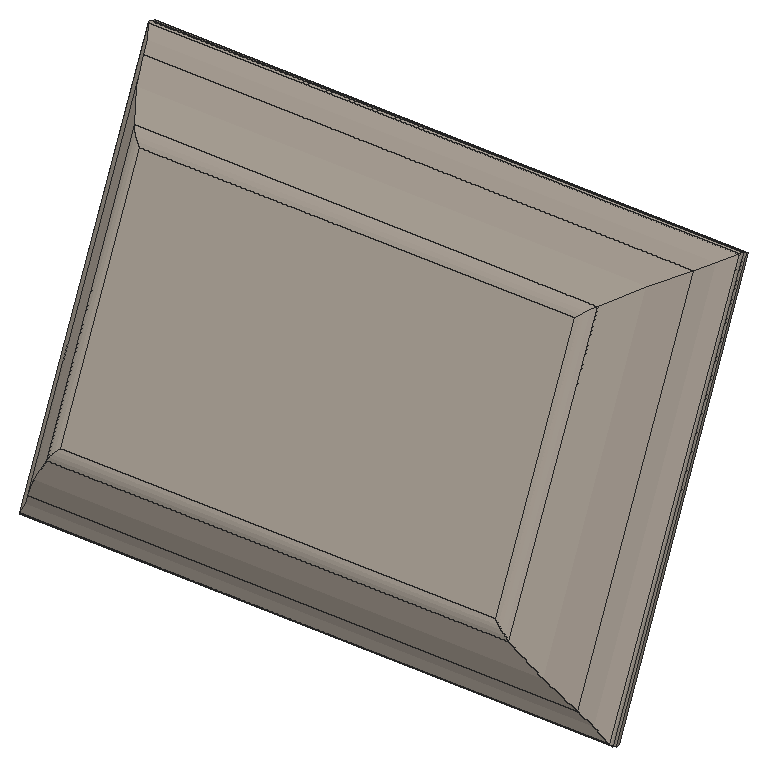
Revit family "revitupgrade", category Furniture, Revit 2025
Family settings
  OmniClass Number = 23.40.70.14.64.11
  OmniClass Title = Office Furniture
  Work Plane-Based = No
  Enable Cutting in Views = No
  Always vertical = Yes
  Cut with Voids When Loaded = No
  Render Appearance Source = Family Geometry
  Shared = No
  Room Calculation Point = No
Parameters (values of type "Back Cushion")
  URL = "https://wendelbo.dk/products/define/"
  Style Number(s) = "WBOBCUSH"
  Release Date = "February 2023"  # constant formula
  Manufacturer = "Wendelbo"  # constant formula
  Description = "This design feature creates a totally rectangular and flat module, with a “crevice” along the edge, which enables you to connect back elements and cushions to the sofa."
  Default Elevation = 0.00 mm
  Copyright = "© 2010 Steelcase Inc."  # constant formula
  Back Cushion [instance] = Wendelbo - Barona Grey
  Assembly Code = "E2020200"
Reference planes
  plane 1 "Center Front/Back": y = 0
  plane 2 "Bottom": z = 0
  plane 3 "Center Left/Right": x = 0
  plane 4 "1": through (0, 31.182, 265.421) normal (0, -0.1908, -0.9816)
  plane 5: z = 400
  plane 6 "0": through (0, 860.774, 850.849) normal (0, -0.916, 0.4011)
  plane 7: x = 710.145
  plane 8: y = 317.355
  plane 9: z = -921.358
  plane 10: x = 355.075
Forms (mm)
  Extrusion 1, solid, material "Wendelbo - Barona Grey" <- "Back Cushion"
    sketch origin (-354.055, -174.786, -1514.104) x (0, 0.401109, 0.91603) y (-1, 0, 0)
      loop
        line (1027.302, -966.641) -> (1027.302, -451.641) -> (737.302, -451.641) -> (737.302, -966.641) -> (1027.302, -966.641)
    from -82.302 to 128.448
  Sweep 2, solid, material "Wendelbo - Barona Grey" <- "Back Cushion"
    path origin (-354.055, -174.786, -1514.104) x (0, 0.401109, 0.91603) y (-1, 0, 0)
      loop
        line (1027.302, -966.641) -> (1027.302, -451.641) -> (737.302, -451.641) -> (737.302, -966.641) -> (1027.302, -966.641)
    profile origin (355.086, 237.274, -573.065) x (0, -0.401109, -0.91603) y (0, -0.91603, 0.401109)
      loop
        line (0, 128.448) -> (-3.017, 128.448)
        arc (-3.017, 128.448) -> (-11.98, 126.786) -> (-19.751, 122.022) r 25
        arc (-19.751, 122.022) -> (-48.227, 92.193) -> (-71.905, 58.429) r 274.095
        arc (-71.905, 58.429) -> (-82.996, 42.265) -> (-96.091, 27.677) r 150.729
        arc (-96.091, 27.677) -> (-97.313, 25.76) -> (-97.559, 23.5) r 5
        arc (-97.559, 23.5) -> (-97.366, 21.036) -> (-97.542, 18.57) r 16.532
        arc (-97.542, 18.57) -> (-97.334, 16.244) -> (-96.091, 14.267) r 5
        arc (-96.091, 14.267) -> (-82.996, -0.321) -> (-71.905, -16.486) r 150.729
        arc (-71.905, -16.486) -> (-49.746, -48.051) -> (-23.074, -75.908) r 254.695
        arc (-23.074, -75.908) -> (-15.317, -80.649) -> (-6.377, -82.302) r 25
        line (-6.377, -82.302) -> (0, -82.302) -> (0, 128.448)
Cuts and joins
  joined: Extrusion 1, Sweep 2
Lines and regions (mm)
  Masking region 1
    outline origin (0, 0, 0) x (1, 0, 0) y (0, 1, 0)
      loop
        arc (0.017, 57.226) -> (0.494, 55.603) -> (1.773, 54.496) r 3
        arc (1.773, 54.496) -> (11.755, 48.688) -> (20.397, 41.027) r 58.326
        arc (20.397, 41.027) -> (27.33, 33.818) -> (34.54, 26.885) r 256.091
        arc (34.54, 26.885) -> (52.363, 13.019) -> (72.28, 2.376) r 132.698
        arc (72.28, 2.376) -> (76.557, 0.604) -> (81.148, 0) r 17.737
        line (81.148, 0) -> (355.077, 0) -> (629.006, 0)
        arc (629.006, 0) -> (633.597, 0.604) -> (637.875, 2.376) r 17.737
        arc (637.875, 2.376) -> (657.791, 13.019) -> (675.615, 26.885) r 132.698
        arc (675.615, 26.885) -> (682.824, 33.818) -> (689.757, 41.027) r 256.091
        arc (689.757, 41.027) -> (698.399, 48.688) -> (708.382, 54.496) r 58.326
        arc (708.382, 54.496) -> (709.66, 55.603) -> (710.137, 57.226) r 3
        line (710.137, 57.226) -> (710.137, 260.129)
        arc (710.137, 260.129) -> (709.66, 261.751) -> (708.382, 262.858) r 3
        arc (708.382, 262.858) -> (698.399, 268.666) -> (689.757, 276.327) r 58.326
        arc (689.757, 276.327) -> (682.824, 283.537) -> (675.615, 290.47) r 256.091
        arc (675.615, 290.47) -> (657.791, 304.335) -> (637.875, 314.978) r 132.698
        arc (637.875, 314.978) -> (633.597, 316.75) -> (629.006, 317.355) r 17.737
        line (629.006, 317.355) -> (355.077, 317.355) -> (81.148, 317.355)
        arc (81.148, 317.355) -> (76.557, 316.75) -> (72.28, 314.978) r 17.737
        arc (72.28, 314.978) -> (52.363, 304.335) -> (34.54, 290.47) r 132.698
        arc (34.54, 290.47) -> (27.33, 283.537) -> (20.397, 276.327) r 256.091
        arc (20.397, 276.327) -> (11.755, 268.666) -> (1.773, 262.858) r 58.326
        arc (1.773, 262.858) -> (0.494, 261.751) -> (0.017, 260.129) r 3
        line (0.017, 260.129) -> (0.017, 57.226)
  symbolic lines, style "Steelcase Furniture"
    curve 1: line (0.026, 254.879, 0) -> (710.145, 254.879, 0)
Dimensions and locks
  aligned and locked: level to plane 2 "Bottom"
